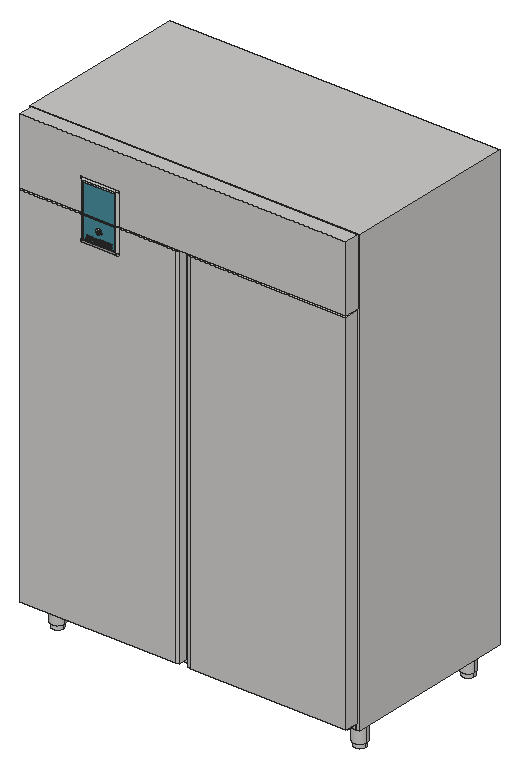
Revit family "QF_ALPENINOX_728654_CTE142FRR", category Specialty Equipment, Revit 2018
Family settings
  Round Connector Dimension = Use Diameter
  Part Type = Normal
  Work Plane-Based = No
  Always vertical = Yes
  Cut with Voids When Loaded = No
  Shared = No
  Room Calculation Point = No
Parameters
  Width [instance] = 1441 mm
  Weight = 0.00 kg
  Watts = 19.5096 W
  Volts = 220 V
  URL Manufacturer = "http://www.alpeninox.com"
  URL = "http://www.alpeninox.com"
  Steam Supply Size = 0 mm
  Steam Supply Minimum Pressure = 0.0 Pa
  Steam Supply Maximum Pressure = 0.0 Pa
  Steam Pounds per Hour = 0
  Refrigeration Suction Line Size = 0 mm
  Refrigeration Liquid Line Size = 0 mm
  Refrigerant Compressor Remote = yes
  Manufacturer = "Alpeninox"
  Phase = 1
  Model = "CTE142FRR"
  Length Actual = 1441 mm  # constant formula
  Item Number = "728654"
  Hot Water Size = 0 mm
  Height Actual = 2050 mm  # constant formula
  Height [instance] = 2050 mm
  HP = "0.3 HP"
  Gas Size = 0 mm
  Gas KW = 0
  Gas Input Pressure = 0 W
  Description = "2-DOOR REFRIG 1430L -2/+10°C, DIGIT, REM"
  Depth Actual = 835 mm  # constant formula
  Depth [instance] = 835 mm
  Cycle = 60 Hz
  Condensate Return Size = 0 mm
  Compressed Air Volume = 0.0 L/s
  Compressed Air Size = 0 mm
  Compressed Air Pressure = 0.0 Pa
  Cold Water Size = 0 mm
  Accessory = yes
Reference planes
  plane 1 "Center (Front/Back)": y = 0
  plane 2: z = 0
  plane 3 "Center (Left/Right)": x = 0
  plane 4 "BASE": z = 110
  plane 5 "TOP": z = 2050
  plane 6 "FRONT": y = -417.5
  plane 7 "BACK": y = 417.5
  plane 8 "LEFT": x = -720.5
  plane 9 "RIGHT": x = 720.5
Forms (mm)
  Extrusion 1, solid, material "QF_Finishes_Stainless Steel"
    sketch origin (0, 0, 0) x (1, 0, 0) y (0, 1, 0)
      loop
        circle (-643.5, 344.5) r 25
      loop
        circle (643.5, 344.5) r 25
      loop
        circle (-660.5, -269.5) r 25
      loop
        circle (660.5, -269.5) r 25
      loop
        circle (0, -121) r 25
    from 0 to 20
  Extrusion 2, solid, material "QF_Finishes_Stainless Steel"
    sketch origin (0, 0, 0) x (1, 0, 0) y (0, 1, 0)
      loop
        circle (-643.5, 344.5) r 30
      loop
        circle (643.5, 344.5) r 30
      loop
        circle (660.5, -269.5) r 30
      loop
        circle (-660.5, -269.5) r 30
      loop
        circle (0, -121) r 30
    from 20 to 110
  Extrusion 3, solid, material "QF_Finishes_Stainless Steel"
    sketch origin (0, 0, 110) x (-1, 0, 0) y (0, -1, 0)
      loop
        line (720.5, -417.5) -> (720.5, 345.5) -> (-720.5, 345.5) -> (-720.5, -417.5) -> (720.5, -417.5)
    from 0 to 1940
  Extrusion 4, solid
    sketch origin (0, 417.5, 1685) x (-1, 0, 0) y (0, 0, 1)
      loop
        circle (704.5, 124) r 10
    from 0 to 3.2
  Extrusion 5, solid, material "QF_Door-Drawer Clearances", detail levels coarse
    sketch origin (0, 0, 110) x (-1, 0, 0) y (0, -1, 0)
      loop
        line (-712.5, 409.5) -> (-648.5, 409.5) -> (-648.5, 1006.5) -> (-666.5, 1006.5) -> (-666.5, 1024.5) -> (-688.5, 1024.5) -> (-688.5, 1062.5) -> (-712.5, 1062.5) -> (-712.5, 409.5)
    from 1642.965 to 28
  Extrusion 6, solid, material "QF_Door-Drawer Clearances", detail levels coarse
    sketch origin (0, 0, 110) x (-1, 0, 0) y (0, -1, 0)
      loop
        line (-648.5, 409.5) -> (0, 409.5)
        arc (0, 409.5) -> (-211.9, 875.546) -> (-688.5, 1062.5) r 681.392
        line (-688.5, 1062.5) -> (-688.5, 1024.5) -> (-666.5, 1024.5) -> (-666.5, 1006.5) -> (-648.5, 1006.5) -> (-648.5, 409.5)
    from 1642.965 to 28
  Extrusion 7, solid, material "QF_Clearances", detail levels coarse
    sketch origin (0, 0, 110) x (-1, 0, 0) y (0, -1, 0)
      loop
        line (720.5, 417.5) -> (720.5, -417.5) -> (-720.5, -417.5) -> (-720.5, 417.5) -> (-740.5, 417.5) -> (-740.5, -447.5) -> (740.5, -447.5) -> (740.5, 417.5) -> (720.5, 417.5)
    from -110 to 1940
  Extrusion 8, solid, material "QF_Clearances", detail levels coarse
    sketch origin (0, 0, 2050) x (-1, 0, 0) y (0, -1, 0)
      loop
        line (740.5, -447.5) -> (740.5, 417.5) -> (-740.5, 417.5) -> (-740.5, -447.5) -> (740.5, -447.5)
    from 0 to 500
  Extrusion 9, void
    sketch origin (0, 417.5, 0) x (-1, 0, 0) y (0, 0, 1)
      loop
        line (645.5, 1724) -> (430, 1724) -> (430, 1695) -> (-430, 1695) -> (-430, 1724) -> (-645.5, 1724) -> (-645.5, 180) -> (-322.75, 170.906) -> (0, 180) -> (322.75, 170.906) -> (645.5, 180) -> (645.5, 1724)
    from -56 to -763
  Extrusion 10, solid, material "QF_Door-Drawer Clearances", detail levels coarse
    sketch origin (0, 0, 110) x (1, 0, 0) y (0, 1, 0)
      loop
        line (-712.5, -409.5) -> (-712.5, -1062.5) -> (-688.5, -1062.5) -> (-688.5, -1024.5) -> (-666.5, -1024.5) -> (-666.5, -1006.5) -> (-648.5, -1006.5) -> (-648.5, -409.5) -> (-712.5, -409.5)
    from 1642.965 to 28
  Extrusion 11, solid, material "QF_Door-Drawer Clearances", detail levels coarse
    sketch origin (0, 0, 110) x (1, 0, 0) y (0, 1, 0)
      loop
        line (-648.5, -409.5) -> (-648.5, -1006.5) -> (-666.5, -1006.5) -> (-666.5, -1024.5) -> (-688.5, -1024.5) -> (-688.5, -1062.5)
        arc (-688.5, -1062.5) -> (-211.9, -875.546) -> (0, -409.5) r 681.392
        line (0, -409.5) -> (-648.5, -409.5)
    from 1642.965 to 28
  Extrusion 12, solid, material "QF_Finishes_Stainless Steel"
    sketch origin (0, 417.5, 0) x (-1, 0, 0) y (0, 0, 1)
      loop
        line (40, 170.62) -> (40, 1695) -> (-40, 1695) -> (-40, 170.62) -> (0, 170) -> (40, 170.62)
    from -723 to -763
  Extrusion 13, solid, material "QF_Finishes_Stainless Steel"
    sketch origin (0, 0, 110) x (-1, 0, 0) y (0, -1, 0)
      loop
        circle (322.75, 254.5) r 7.938
      loop
        circle (-322.75, 254.5) r 7.938
    from 0 to -10
  Extrusion 14, solid, material "QF_Finishes_Stainless Steel"
    sketch origin (0, 0, 2050) x (-1, 0, 0) y (0, -1, 0)
      loop
        circle (255.5, 167.5) r 4.75
    from -34.697 to -139.697
  Extrusion 15, solid, material "QF_Finishes_Stainless Steel"
    sketch origin (-720.5, 0, 0) x (0, 1, 0) y (0, 0, 1)
      loop
        circle (-182.5, 1852.63) r 3
    from 500 to 620
Cuts and joins
  joined: Extrusion 7, Extrusion 8
  Extrusion 9 cuts Extrusion 3
Lines and regions (mm)
  symbolic lines, style "SpecialityEquipmentHiddenLines"
    curve 1: line (712.5, -409.5, 110) -> (712.5, -1062.5, 110)
    curve 2: line (712.5, -1062.5, 110) -> (688.5, -1062.5, 110)
    curve 3: line (648.5, -409.5, 110) -> (648.5, -1006.5, 110)
    curve 4: line (688.5, -1062.5, 110) -> (688.5, -1024.5, 110)
    curve 5: line (688.5, -1024.5, 110) -> (666.5, -1024.5, 110)
    curve 6: line (666.5, -1024.5, 110) -> (666.5, -1006.5, 110)
    curve 7: line (666.5, -1006.5, 110) -> (648.5, -1006.5, 110)
    curve 13: arc (0, -409.5, 110) -> (211.9, -875.546, 110) -> (688.5, -1062.5, 110) r 681.392
    curve 14: line (-712.5, -1062.5, 110) -> (-688.5, -1062.5, 110)
    curve 15: line (-648.5, -409.5, 110) -> (-648.5, -1006.5, 110)
    curve 16: line (-688.5, -1062.5, 110) -> (-688.5, -1024.5, 110)
    curve 17: line (-688.5, -1024.5, 110) -> (-666.5, -1024.5, 110)
    curve 18: line (-666.5, -1024.5, 110) -> (-666.5, -1006.5, 110)
    curve 19: line (-666.5, -1006.5, 110) -> (-648.5, -1006.5, 110)
    curve 20: arc (0, -409.5, 110) -> (-211.9, -875.546, 110) -> (-688.5, -1062.5, 110) r 681.392
    curve 21: line (-712.5, -409.5, 110) -> (-712.5, -1062.5, 110)
  symbolic lines, style "QF_Clearances", detail levels coarse
    curve 8: line (-220.5, -417.5, 2050) -> (-740.5, -417.5, 2050)
    curve 9: line (-740.5, -417.5, 2050) -> (-740.5, 447.5, 2050)
    curve 10: line (-740.5, 447.5, 2050) -> (740.5, 447.5, 2050)
    curve 11: line (740.5, 447.5, 2050) -> (740.5, -417.5, 2050)
    curve 12: line (740.5, -417.5, 2050) -> (720.5, -417.5, 2050)
Dimensions and locks
  equal spacing: plane 7 "BACK", plane 1 "Center (Front/Back)", plane 6 "FRONT"
  equal spacing: plane 8 "LEFT", plane 3 "Center (Left/Right)", plane 9 "RIGHT"
  "Width": plane 8 "LEFT" to plane 9 "RIGHT"
  "Depth": plane 7 "BACK" to plane 6 "FRONT"
  "Height": plane 5 "TOP" to plane 2
  aligned and locked: level to plane 2
Automatic sketch dimensions
  Extrusion 1 sketch curve to plane 3 "Center (Left/Right)" = 0 mm
  plane 8 "LEFT" to Extrusion 1 sketch curve = 77 mm
  plane 8 "LEFT" to Extrusion 1 sketch curve = 60 mm
  plane 9 "RIGHT" to Extrusion 1 sketch curve = 77 mm
  plane 9 "RIGHT" to Extrusion 1 sketch curve = 60 mm
  plane 6 "FRONT" to Extrusion 1 sketch curve = 148 mm  (x2)
  plane 1 "Center (Front/Back)" to Extrusion 1 sketch curve = 121 mm
  Extrusion 1 sketch curve to plane 7 "BACK" = 73 mm  (x2)
  Extrusion 2 sketch curve to plane 3 "Center (Left/Right)" = 0 mm
  plane 8 "LEFT" to Extrusion 2 sketch curve = 77 mm
  plane 8 "LEFT" to Extrusion 2 sketch curve = 60 mm
  plane 9 "RIGHT" to Extrusion 2 sketch curve = 77 mm
  plane 9 "RIGHT" to Extrusion 2 sketch curve = 60 mm
  plane 6 "FRONT" to Extrusion 2 sketch curve = 148 mm  (x2)
  plane 1 "Center (Front/Back)" to Extrusion 2 sketch curve = 121 mm
  Extrusion 2 sketch curve to plane 7 "BACK" = 73 mm  (x2)
  Extrusion 3 sketch curve to plane 7 "BACK" = 0 mm
  Extrusion 3 sketch curve to plane 9 "RIGHT" = 0 mm
  Extrusion 3 sketch curve to plane 8 "LEFT" = 0 mm
  plane 6 "FRONT" to Extrusion 3 sketch curve = 72 mm
  plane 8 "LEFT" to Extrusion 4 sketch curve = 16 mm
  Extrusion 4 sketch curve to plane 5 "TOP" = 241 mm
  plane 9 "RIGHT" to Extrusion 5 sketch curve = 8 mm
  plane 9 "RIGHT" to Extrusion 5 sketch curve = 32 mm
  Extrusion 5 sketch curve to Extrusion 5 sketch curve = 22 mm
  plane 6 "FRONT" to Extrusion 5 sketch curve = 8 mm
  Extrusion 5 sketch curve to Extrusion 5 sketch curve = 64 mm
  Extrusion 5 sketch curve to plane 6 "FRONT" = 589 mm
  Extrusion 5 sketch curve to Extrusion 5 sketch curve = 18 mm
  Extrusion 5 sketch curve to Extrusion 5 sketch curve = 38 mm
  Extrusion 6 sketch curve to plane 3 "Center (Left/Right)" = 0 mm
  plane 9 "RIGHT" to Extrusion 6 sketch curve = 72 mm
  Extrusion 6 sketch curve to Extrusion 6 sketch curve = 18 mm  (x2)
  plane 9 "RIGHT" to Extrusion 6 sketch curve = 39.698 mm
  Extrusion 6 sketch curve to Extrusion 6 sketch curve = 22 mm
  plane 6 "FRONT" to Extrusion 6 sketch curve = 36.349 mm
  plane 6 "FRONT" to Extrusion 6 sketch curve = 8 mm
  Extrusion 6 sketch curve to Extrusion 6 sketch curve = 56 mm
  Extrusion 7 sketch curve to plane 6 "FRONT" = 0 mm  (x2)
  Extrusion 7 sketch curve to plane 7 "BACK" = 0 mm
  Extrusion 7 sketch curve to plane 9 "RIGHT" = 0 mm
  Extrusion 7 sketch curve to plane 8 "LEFT" = 0 mm
  Extrusion 7 sketch curve to plane 9 "RIGHT" = 20 mm
  Extrusion 7 sketch curve to Extrusion 7 sketch curve = 20 mm
  plane 7 "BACK" to Extrusion 7 sketch curve = 30 mm
  Extrusion 8 sketch curve to plane 6 "FRONT" = 0 mm
  Extrusion 8 sketch curve to plane 9 "RIGHT" = 20 mm
  Extrusion 8 sketch curve to plane 8 "LEFT" = 20 mm
  plane 7 "BACK" to Extrusion 8 sketch curve = 30 mm
  Extrusion 10 sketch curve to plane 8 "LEFT" = 8 mm
  Extrusion 10 sketch curve to plane 8 "LEFT" = 32 mm
  Extrusion 10 sketch curve to Extrusion 10 sketch curve = 22 mm
  Extrusion 10 sketch curve to plane 6 "FRONT" = 8 mm
  Extrusion 10 sketch curve to Extrusion 10 sketch curve = 64 mm
  plane 6 "FRONT" to Extrusion 10 sketch curve = 589 mm
  Extrusion 10 sketch curve to Extrusion 10 sketch curve = 18 mm
  Extrusion 10 sketch curve to Extrusion 10 sketch curve = 38 mm
  Extrusion 11 sketch curve to plane 3 "Center (Left/Right)" = 0 mm
  Extrusion 11 sketch curve to plane 8 "LEFT" = 72 mm
  Extrusion 11 sketch curve to Extrusion 11 sketch curve = 18 mm  (x2)
  Extrusion 11 sketch curve to plane 8 "LEFT" = 39.698 mm
  Extrusion 11 sketch curve to Extrusion 11 sketch curve = 22 mm
  Extrusion 11 sketch curve to plane 6 "FRONT" = 36.349 mm
  Extrusion 11 sketch curve to plane 6 "FRONT" = 8 mm
  Extrusion 11 sketch curve to Extrusion 11 sketch curve = 56 mm
  Extrusion 12 sketch curve to plane 3 "Center (Left/Right)" = 0 mm
  plane 3 "Center (Left/Right)" to Extrusion 12 sketch curve = 40 mm
  Extrusion 12 sketch curve to plane 3 "Center (Left/Right)" = 40 mm
  plane 4 "BASE" to Extrusion 12 sketch curve = 60 mm
  Extrusion 12 sketch curve to Extrusion 12 sketch curve = 0.62 mm  (x2)
  Extrusion 12 sketch curve to Extrusion 12 sketch curve = 1524.38 mm
  Extrusion 9 sketch curve to plane 3 "Center (Left/Right)" = 0 mm
  plane 4 "BASE" to Extrusion 9 sketch curve = 60.906 mm  (x2)
  plane 3 "Center (Left/Right)" to Extrusion 9 sketch curve = 322.75 mm
  plane 9 "RIGHT" to Extrusion 9 sketch curve = 290.5 mm
  plane 9 "RIGHT" to Extrusion 9 sketch curve = 75 mm
  Extrusion 9 sketch curve to plane 3 "Center (Left/Right)" = 322.75 mm
  plane 8 "LEFT" to Extrusion 9 sketch curve = 290.5 mm
  plane 8 "LEFT" to Extrusion 9 sketch curve = 75 mm
  plane 4 "BASE" to Extrusion 9 sketch curve = 70 mm  (x3)
  Extrusion 9 sketch curve to plane 5 "TOP" = 355 mm
  Extrusion 9 sketch curve to Extrusion 9 sketch curve = 29 mm  (x2)
  plane 3 "Center (Left/Right)" to Extrusion 13 sketch curve = 322.75 mm
  Extrusion 13 sketch curve to plane 3 "Center (Left/Right)" = 322.75 mm
  plane 6 "FRONT" to Extrusion 13 sketch curve = 163 mm  (x2)
  curve 13 to plane 3 "Center (Left/Right)" = 0 mm
  plane 9 "RIGHT" to curve 7 = 72 mm
  curve 5 to curve 3 = 18 mm
  plane 9 "RIGHT" to curve 13 = 39.698 mm
  curve 4 to curve 5 = 22 mm
  plane 9 "RIGHT" to curve 1 = 8 mm
  plane 8 "LEFT" to curve 15 = 72 mm
  curve 15 to curve 18 = 18 mm
  plane 8 "LEFT" to curve 20 = 39.698 mm
  curve 17 to curve 17 = 22 mm
  plane 8 "LEFT" to curve 14 = 8 mm
  plane 6 "FRONT" to curve 20 = 36.349 mm
  plane 6 "FRONT" to curve 13 = 36.349 mm
  curve 6 to plane 6 "FRONT" = 589 mm
  curve 15 to plane 6 "FRONT" = 589 mm
  curve 6 to curve 6 = 18 mm
  curve 18 to curve 16 = 18 mm
  curve 4 to curve 4 = 38 mm
  plane 6 "FRONT" to curve 21 = 8 mm
  plane 6 "FRONT" to curve 15 = 8 mm
  plane 6 "FRONT" to curve 3 = 8 mm
  plane 6 "FRONT" to curve 1 = 8 mm
  plane 1 "Center (Front/Back)" to Extrusion 14 sketch curve = 167.5 mm
  Extrusion 14 sketch curve to plane 3 "Center (Left/Right)" = 255.5 mm
  curve 12 to plane 6 "FRONT" = 0 mm
  curve 12 to plane 9 "RIGHT" = 0 mm
  curve 8 to plane 6 "FRONT" = 0 mm
  curve 11 to curve 12 = 20 mm
  curve 9 to plane 8 "LEFT" = 20 mm
  plane 7 "BACK" to curve 10 = 30 mm
  curve 8 to plane 3 "Center (Left/Right)" = 220.5 mm
  Extrusion 15 sketch curve to plane 5 "TOP" = 197.37 mm
  plane 1 "Center (Front/Back)" to Extrusion 15 sketch curve = 182.5 mm
  radius of Extrusion 1 sketch curve = 25 mm  (x5)
  radius of Extrusion 2 sketch curve = 30 mm  (x5)
  radius of Extrusion 4 sketch curve = 10 mm
  radius of Extrusion 13 sketch curve = 7.938 mm  (x2)
  radius of Extrusion 14 sketch curve = 4.75 mm
  radius of Extrusion 15 sketch curve = 3 mm
Nested families
  nested 1: "QF_728654_DoorLeft" at (0, -345.5, 968.365) x (1, 0, 0) z (0, -1, 0), type "QF_728654_DoorLeft"
    with Show Clearance yes
  nested 2: "Refrigerator" at (720.5, -417.5, 2050), type "Refrigerator"
Connectors
  electrical at (-704.5, 420.7, 1809), driven by "Volts"
    settings: on Extrusion 4, index 2, voltage 220 V, apparent load 0 VA, apparent load phase1 0 VA, apparent load phase2 0 VA, apparent load phase3 0 VA, power factor 1, load classification "Other", number of poles 1, system type 30, power factor state 1, is connector primary yes, connector utility no, sub classification motor no, connector description "Electrical Connection"
  piping at (322.75, -254.5, 100), diameter 15.875
    settings: on Extrusion 13, index 3, connector inside diameter 609.6 mm, connector length 0 mm, flow factor 0, pipe flow 0.0 L/s, pressure drop 0.0 Pa, fitting loss kfactor 0, connector angle 0.00°, fixture units 0, engagement length 0 mm, angle of deflection 0.00°, flow configuration 1, flow direction 2, fitting loss method 0, system type 16, joint type 0, gender type 0, connector reference index -1, connector utility 0, adjustable connector no, is connector primary yes, connector description "Drain"
  piping at (-322.75, -254.5, 100), diameter 15.875
    settings: on Extrusion 13, index 4, connector inside diameter 609.6 mm, connector length 0 mm, flow factor 0, pipe flow 0.0 L/s, pressure drop 0.0 Pa, fitting loss kfactor 0, connector angle 0.00°, fixture units 0, engagement length 0 mm, angle of deflection 0.00°, flow configuration 1, flow direction 2, fitting loss method 0, system type 16, joint type 0, gender type 0, connector reference index -1, connector utility 0, adjustable connector no, is connector primary no, connector description "Drain"
  piping at (-220.5, -182.5, 1852.63), diameter 6
    settings: on Extrusion 15, index 5, connector inside diameter 609.6 mm, connector length 0 mm, flow factor 0, pipe flow 0.0 L/s, pressure drop 0.0 Pa, fitting loss kfactor 0, connector angle 0.00°, fixture units 0, engagement length 0 mm, angle of deflection 0.00°, flow configuration 1, flow direction 1, fitting loss method 0, system type 7, joint type 0, gender type 0, connector reference index -1, connector utility 0, adjustable connector no, is connector primary no, connector description "Refrigerant Inlet"
  piping at (-255.5, -167.5, 2015.303), diameter 9.5
    settings: on Extrusion 14, index 6, connector inside diameter 609.6 mm, connector length 0 mm, flow factor 0, pipe flow 0.0 L/s, pressure drop 0.0 Pa, fitting loss kfactor 0, connector angle 0.00°, fixture units 0, engagement length 0 mm, angle of deflection 0.00°, flow configuration 1, flow direction 2, fitting loss method 0, system type 8, joint type 0, gender type 0, connector reference index -1, connector utility 0, adjustable connector no, is connector primary no, connector description "Refrigerant Outlet"
Definition of nested family "QF_728654_DoorLeft"
  Parameters
    Show Clearance [instance] = yes
    Model = "728654"
    Default Elevation = 0 mm
  Reference planes
    plane 1 "Center (Front/Back)": y = 0
    plane 2: z = 0
    plane 3 "Center (Left/Right)": x = 0
    plane 4 "panel": z = 64
  Forms (mm)
    Extrusion 1, solid
      sketch origin (0, -919.2, 0) x (1, 0, 0) y (0, 1, 0)
        loop
          line (-980.5, 2119.2) -> (-980.5, -162.846) -> (881.94, -162.846) -> (881.94, 2119.2) -> (-980.5, 2119.2)
      from 0 to -59.546
    Extrusion 2, solid
      sketch origin (365.5, 0, 0) x (1, 0, 0) y (0, 0, 1)
        loop
          line (-347, 26) -> (-325, 26) -> (-325, 8) -> (-307, 8) -> (-307, 0) -> (339, 0) -> (339, 8) -> (347, 8) -> (347, 64) -> (-332, 64) -> (-347, 60) -> (-347, 26)
      from -784.6 to 830.4
    Extrusion 3, solid
      sketch origin (484.5, -516.365, 0) x (0, 1, 0) y (0, 0, 1)
        loop
          line (-323.003, 40.312) -> (-316.501, 40.312) -> (-316.501, 42.812) -> (-325.503, 42.812) -> (-325.503, 2.5) -> (-342, 2.5) -> (-342, 0) -> (-323.003, 0) -> (-323.003, 12.259) -> (-323.003, 40.312)
        loop
          line (-314, 38.311) -> (-316.501, 38.311) -> (-316.501, 14.304) -> (-319.752, 14.304) -> (-319.752, 11.804) -> (-314, 11.804) -> (-314, 38.311)
      from 185 to 220
    Extrusion 4, solid
      sketch origin (484.5, 469.597, 0) x (0, 1, 0) y (0, 0, 1)
        loop
          line (315.003, 27.948) -> (315.003, 2.948) -> (315.003, 0) -> (322.003, 0) -> (322.003, 2.5) -> (317.503, 2.5) -> (317.503, 27.948) -> (315.003, 27.948)
      from 185 to 220
    Extrusion 5, solid
      sketch origin (-365.5, 0, 0) x (-1, 0, 0) y (0, 0, -1)
        loop
          line (-1078, -64) -> (347, -64) -> (347, 0) -> (-1078, 0) -> (-1078, -64)
      from -1081.6 to -791.6
    Extrusion 6, solid
      sketch origin (-365.5, 0, 0) x (-1, 0, 0) y (0, 0, -1)
        loop
          line (-347, -26) -> (-347, -60) -> (-332, -64) -> (347, -64) -> (347, -8) -> (339, -8) -> (339, 0) -> (-307, 0) -> (-307, -8) -> (-325, -8) -> (-325, -26) -> (-347, -26)
      from -784.6 to 830.4
    Extrusion 7, solid
      sketch origin (-484.5, -516.365, 0) x (0, 1, 0) y (0, 0, -1)
        loop
          line (-323.003, -40.312) -> (-323.003, -12.259) -> (-323.003, 0) -> (-342, 0) -> (-342, -2.5) -> (-325.503, -2.5) -> (-325.503, -42.812) -> (-316.501, -42.812) -> (-316.501, -40.312) -> (-323.003, -40.312)
        loop
          line (-314, -38.311) -> (-314, -11.804) -> (-319.752, -11.804) -> (-319.752, -14.304) -> (-316.501, -14.304) -> (-316.501, -38.311) -> (-314, -38.311)
      from 185 to 220
    Extrusion 8, solid
      sketch origin (-484.5, 469.597, 0) x (0, 1, 0) y (0, 0, -1)
        loop
          line (315.003, -27.948) -> (317.503, -27.948) -> (317.503, -2.5) -> (322.003, -2.5) -> (322.003, 0) -> (315.003, 0) -> (315.003, -2.948) -> (315.003, -27.948)
      from 185 to 220
    Extrusion 9, solid
      sketch origin (0, 0, -27.257) x (1, 0, 0) y (0, 0, 1)
        loop
          line (-434.797, 96.257) -> (-434.797, 91.257) -> (-296.203, 91.257) -> (-296.203, 96.257) -> (-434.797, 96.257)
      from -916.6 to -791.6
    Extrusion 10, solid
      sketch origin (-365.5, 0, -1) x (1, 0, 0) y (0, 0, 1)
        loop
          line (-69.297, 69.6) -> (-69.297, 65) -> (69.297, 65) -> (69.297, 69.6) -> (-69.297, 69.6)
      from -784.6 to -690.6
    Extrusion 11, solid
      sketch origin (-365.5, 30, -3) x (1, 0, 0) y (0, 1, 0)
        loop
          circle (0.611, 714.635) r 14
      from 67 to 69
    Extrusion 12, solid
      sketch origin (0, 0, 64) x (1, 0, 0) y (0, 1, 0)
        loop
          circle (-364.889, 744.635) r 10
        loop
          circle (-364.889, 744.635) r 9
      from 5 to 8
    Extrusion 13, solid
      sketch origin (0, 0, 64) x (1, 0, 0) y (0, 1, 0)
        loop
          circle (-364.889, 744.635) r 8.7
      from 5 to 8
    Extrusion 14, void
      sketch origin (0, 0, 64) x (1, 0, 0) y (0, 1, 0)
        loop
          line (-372.339, 745.885) -> (-372.339, 743.385) -> (-362.339, 743.385) -> (-362.339, 745.885) -> (-372.339, 745.885)
      from 8.592 to 6.269
    Extrusion 15, solid
      sketch origin (0, 0, 64) x (1, 0, 0) y (0, 1, 0)
        loop
          line (-418.204, 710.82) -> (-422.5, 699.285)
          arc (-422.5, 699.285) -> (-421.595, 697.191) -> (-419.54, 698.183) r 1.58
          line (-419.54, 698.183) -> (-418.886, 700.197) -> (-412.943, 700.197) -> (-412.298, 698.204)
          arc (-412.298, 698.204) -> (-410.299, 697.242) -> (-409.434, 699.285) r 1.533
          line (-409.434, 699.285) -> (-413.626, 710.82)
          arc (-413.626, 710.82) -> (-415.915, 712.577) -> (-418.204, 710.82) r 2.37
        loop
          line (-415.911, 709.332) -> (-417.967, 703.122) -> (-413.902, 703.122) -> (-415.911, 709.332)
        loop
          arc (-407.888, 698.967) -> (-407.379, 697.738) -> (-406.15, 697.229) r 1.738
          line (-406.15, 697.229) -> (-400.877, 697.229)
          arc (-400.877, 697.229) -> (-399.415, 698.692) -> (-400.877, 700.154) r 1.462
          line (-400.877, 700.154) -> (-404.682, 700.154) -> (-404.682, 710.796)
          arc (-404.682, 710.796) -> (-406.285, 712.4) -> (-407.888, 710.796) r 1.603
          line (-407.888, 710.796) -> (-407.888, 698.967)
        loop
          line (-397.965, 710.67) -> (-397.965, 698.756)
          arc (-397.965, 698.756) -> (-396.363, 697.154) -> (-394.761, 698.756) r 1.602
          line (-394.761, 698.756) -> (-394.761, 702.233) -> (-392.386, 702.233)
          arc (-392.386, 702.233) -> (-388.677, 703.356) -> (-387.076, 706.886) r 4.694
          arc (-387.076, 706.886) -> (-388.669, 710.731) -> (-392.514, 712.324) r 5.438
          line (-392.514, 712.324) -> (-396.311, 712.324)
          arc (-396.311, 712.324) -> (-397.48, 711.84) -> (-397.965, 710.67) r 1.654
        loop
          line (-394.761, 705.029) -> (-392.573, 705.029)
          arc (-392.573, 705.029) -> (-390.326, 707.277) -> (-392.573, 709.525) r 2.248
          line (-392.573, 709.525) -> (-394.761, 709.525) -> (-394.761, 705.029)
        loop
          arc (-375.089, 706.2) -> (-376.032, 708.349) -> (-378.059, 709.531) r 3.795
          arc (-378.059, 709.531) -> (-381.033, 708.879) -> (-382.48, 706.2) r 3.653
          line (-382.48, 706.2) -> (-375.089, 706.2)
        loop
          line (-382.396, 703.223) -> (-374.353, 703.223)
          arc (-374.353, 703.223) -> (-372.913, 703.422) -> (-371.773, 704.325) r 2.761
          arc (-371.773, 704.325) -> (-371.606, 705.295) -> (-371.671, 706.278) r 4.18
          arc (-371.671, 706.278) -> (-374.146, 710.605) -> (-378.775, 712.454) r 7.566
          arc (-378.775, 712.454) -> (-383.983, 710.081) -> (-385.987, 704.72) r 7.477
          arc (-385.987, 704.72) -> (-384.394, 699.826) -> (-379.939, 697.251) r 7.19
          arc (-379.939, 697.251) -> (-377.087, 697.224) -> (-374.353, 698.036) r 9.615
          arc (-374.353, 698.036) -> (-373.113, 698.668) -> (-372.164, 699.685) r 4.009
          arc (-372.164, 699.685) -> (-371.909, 700.749) -> (-372.38, 701.737) r 1.639
          arc (-372.38, 701.737) -> (-373, 702.095) -> (-373.716, 702.095) r 1.384
          arc (-373.716, 702.095) -> (-374.195, 701.897) -> (-374.605, 701.582) r 1.982
          arc (-374.605, 701.582) -> (-375.643, 700.879) -> (-376.77, 700.332) r 8.74
          arc (-376.77, 700.332) -> (-380.254, 700.472) -> (-382.396, 703.223) r 4.14
        loop
          line (-369.897, 710.796) -> (-369.897, 698.757)
          arc (-369.897, 698.757) -> (-368.292, 697.152) -> (-366.687, 698.757) r 1.605
          line (-366.687, 698.757) -> (-366.687, 706.721) -> (-359.865, 697.802)
          arc (-359.865, 697.802) -> (-358.042, 697.206) -> (-356.913, 698.757) r 1.63
          line (-356.913, 698.757) -> (-356.913, 710.796)
          arc (-356.913, 710.796) -> (-358.518, 712.401) -> (-360.122, 710.796) r 1.604
          line (-360.122, 710.796) -> (-360.122, 702.727) -> (-366.943, 711.749)
          arc (-366.943, 711.749) -> (-368.767, 712.348) -> (-369.897, 710.796) r 1.63
        loop
          arc (-354.908, 698.757) -> (-353.305, 697.153) -> (-351.701, 698.757) r 1.604
          line (-351.701, 698.757) -> (-351.701, 710.796)
          arc (-351.701, 710.796) -> (-353.305, 712.4) -> (-354.908, 710.796) r 1.604
          line (-354.908, 710.796) -> (-354.908, 698.757)
        loop
          line (-349.694, 710.796) -> (-349.694, 698.757)
          arc (-349.694, 698.757) -> (-348.089, 697.152) -> (-346.484, 698.757) r 1.605
          line (-346.484, 698.757) -> (-346.484, 706.721) -> (-339.663, 697.802)
          arc (-339.663, 697.802) -> (-337.84, 697.206) -> (-336.711, 698.757) r 1.63
          line (-336.711, 698.757) -> (-336.711, 710.796)
          arc (-336.711, 710.796) -> (-338.315, 712.401) -> (-339.92, 710.796) r 1.604
          line (-339.92, 710.796) -> (-339.92, 702.727) -> (-346.741, 711.749)
          arc (-346.741, 711.749) -> (-348.564, 712.348) -> (-349.694, 710.796) r 1.63
        loop
          arc (-335.024, 704.776) -> (-334.19, 701.077) -> (-331.714, 698.205) r 7.827
          arc (-331.714, 698.205) -> (-329.788, 697.27) -> (-327.668, 696.976) r 6.849
          arc (-327.668, 696.976) -> (-325.547, 697.27) -> (-323.622, 698.205) r 6.849
          arc (-323.622, 698.205) -> (-321.146, 701.077) -> (-320.311, 704.776) r 7.827
          arc (-320.311, 704.776) -> (-321.146, 708.475) -> (-323.622, 711.348) r 7.827
          arc (-323.622, 711.348) -> (-325.547, 712.283) -> (-327.668, 712.577) r 6.849
          arc (-327.668, 712.577) -> (-329.788, 712.283) -> (-331.714, 711.348) r 6.849
          arc (-331.714, 711.348) -> (-334.19, 708.475) -> (-335.024, 704.776) r 7.827
        loop
          arc (-331.666, 704.776) -> (-331.336, 702.613) -> (-330.121, 700.793) r 5.045
          arc (-330.121, 700.793) -> (-328.977, 700.125) -> (-327.668, 699.932) r 3.49
          arc (-327.668, 699.932) -> (-326.358, 700.125) -> (-325.215, 700.793) r 3.49
          arc (-325.215, 700.793) -> (-324, 702.613) -> (-323.67, 704.776) r 5.045
          arc (-323.67, 704.776) -> (-324, 706.94) -> (-325.215, 708.76) r 5.045
          arc (-325.215, 708.76) -> (-326.358, 709.427) -> (-327.668, 709.621) r 3.49
          arc (-327.668, 709.621) -> (-328.977, 709.427) -> (-330.121, 708.76) r 3.49
          arc (-330.121, 708.76) -> (-331.336, 706.94) -> (-331.666, 704.776) r 5.045
        loop
          line (-319.496, 709.97) -> (-316.031, 705.304) -> (-320.268, 699.668)
          arc (-320.268, 699.668) -> (-319.925, 697.415) -> (-317.679, 697.802) r 1.596
          line (-317.679, 697.802) -> (-314.173, 702.636) -> (-310.666, 697.802)
          arc (-310.666, 697.802) -> (-308.42, 697.415) -> (-308.077, 699.668) r 1.596
          line (-308.077, 699.668) -> (-312.314, 705.304) -> (-308.849, 709.97)
          arc (-308.849, 709.97) -> (-309.272, 712.256) -> (-311.521, 711.666) r 1.587
          line (-311.521, 711.666) -> (-314.173, 707.936) -> (-316.824, 711.666)
          arc (-316.824, 711.666) -> (-319.073, 712.256) -> (-319.496, 709.97) r 1.587
      from 3 to 5
    Extrusion 16, void
      sketch origin (0, 0, 64) x (1, 0, 0) y (0, 1, 0)
        loop
          line (-418.204, 710.82) -> (-422.5, 699.285)
          arc (-422.5, 699.285) -> (-421.595, 697.191) -> (-419.54, 698.183) r 1.58
          line (-419.54, 698.183) -> (-418.886, 700.197) -> (-412.943, 700.197) -> (-412.298, 698.204)
          arc (-412.298, 698.204) -> (-410.299, 697.242) -> (-409.434, 699.285) r 1.533
          line (-409.434, 699.285) -> (-413.626, 710.82)
          arc (-413.626, 710.82) -> (-415.915, 712.577) -> (-418.204, 710.82) r 2.37
        loop
          line (-415.911, 709.332) -> (-417.967, 703.122) -> (-413.902, 703.122) -> (-415.911, 709.332)
        loop
          arc (-407.888, 698.967) -> (-407.379, 697.738) -> (-406.15, 697.229) r 1.738
          line (-406.15, 697.229) -> (-400.877, 697.229)
          arc (-400.877, 697.229) -> (-399.415, 698.692) -> (-400.877, 700.154) r 1.462
          line (-400.877, 700.154) -> (-404.682, 700.154) -> (-404.682, 710.796)
          arc (-404.682, 710.796) -> (-406.285, 712.4) -> (-407.888, 710.796) r 1.603
          line (-407.888, 710.796) -> (-407.888, 698.967)
        loop
          line (-397.965, 710.67) -> (-397.965, 698.756)
          arc (-397.965, 698.756) -> (-396.363, 697.154) -> (-394.761, 698.756) r 1.602
          line (-394.761, 698.756) -> (-394.761, 702.233) -> (-392.386, 702.233)
          arc (-392.386, 702.233) -> (-388.677, 703.356) -> (-387.076, 706.886) r 4.694
          arc (-387.076, 706.886) -> (-388.669, 710.731) -> (-392.514, 712.324) r 5.438
          line (-392.514, 712.324) -> (-396.311, 712.324)
          arc (-396.311, 712.324) -> (-397.48, 711.84) -> (-397.965, 710.67) r 1.654
        loop
          line (-394.761, 705.029) -> (-392.573, 705.029)
          arc (-392.573, 705.029) -> (-390.326, 707.277) -> (-392.573, 709.525) r 2.248
          line (-392.573, 709.525) -> (-394.761, 709.525) -> (-394.761, 705.029)
        loop
          arc (-375.089, 706.2) -> (-376.032, 708.349) -> (-378.059, 709.531) r 3.795
          arc (-378.059, 709.531) -> (-381.033, 708.879) -> (-382.48, 706.2) r 3.653
          line (-382.48, 706.2) -> (-375.089, 706.2)
        loop
          line (-382.396, 703.223) -> (-374.353, 703.223)
          arc (-374.353, 703.223) -> (-372.913, 703.422) -> (-371.773, 704.325) r 2.761
          arc (-371.773, 704.325) -> (-371.606, 705.295) -> (-371.671, 706.278) r 4.18
          arc (-371.671, 706.278) -> (-374.146, 710.605) -> (-378.775, 712.454) r 7.566
          arc (-378.775, 712.454) -> (-383.983, 710.081) -> (-385.987, 704.72) r 7.477
          arc (-385.987, 704.72) -> (-384.394, 699.826) -> (-379.939, 697.251) r 7.19
          arc (-379.939, 697.251) -> (-377.087, 697.224) -> (-374.353, 698.036) r 9.615
          arc (-374.353, 698.036) -> (-373.113, 698.668) -> (-372.164, 699.685) r 4.009
          arc (-372.164, 699.685) -> (-371.909, 700.749) -> (-372.38, 701.737) r 1.639
          arc (-372.38, 701.737) -> (-373, 702.095) -> (-373.716, 702.095) r 1.384
          arc (-373.716, 702.095) -> (-374.195, 701.897) -> (-374.605, 701.582) r 1.982
          arc (-374.605, 701.582) -> (-375.643, 700.879) -> (-376.77, 700.332) r 8.74
          arc (-376.77, 700.332) -> (-380.254, 700.472) -> (-382.396, 703.223) r 4.14
        loop
          line (-369.897, 710.796) -> (-369.897, 698.757)
          arc (-369.897, 698.757) -> (-367.553, 696.412) -> (-365.208, 698.757) r 2.344
          line (-365.208, 698.757) -> (-365.208, 704.788) -> (-359.865, 697.802)
          arc (-359.865, 697.802) -> (-358.042, 697.206) -> (-356.913, 698.757) r 1.63
          line (-356.913, 698.757) -> (-356.913, 710.796)
          arc (-356.913, 710.796) -> (-358.518, 712.401) -> (-360.122, 710.796) r 1.604
          line (-360.122, 710.796) -> (-360.122, 702.727) -> (-366.943, 711.749)
          arc (-366.943, 711.749) -> (-368.767, 712.348) -> (-369.897, 710.796) r 1.63
        loop
          arc (-354.908, 698.757) -> (-353.305, 697.153) -> (-351.701, 698.757) r 1.604
          line (-351.701, 698.757) -> (-351.701, 710.796)
          arc (-351.701, 710.796) -> (-353.305, 712.4) -> (-354.908, 710.796) r 1.604
          line (-354.908, 710.796) -> (-354.908, 698.757)
        loop
          line (-349.694, 710.796) -> (-349.694, 698.757)
          arc (-349.694, 698.757) -> (-348.089, 697.152) -> (-346.484, 698.757) r 1.605
          line (-346.484, 698.757) -> (-346.484, 706.721) -> (-339.663, 697.802)
          arc (-339.663, 697.802) -> (-337.84, 697.206) -> (-336.711, 698.757) r 1.63
          line (-336.711, 698.757) -> (-336.711, 710.796)
          arc (-336.711, 710.796) -> (-338.315, 712.401) -> (-339.92, 710.796) r 1.604
          line (-339.92, 710.796) -> (-339.92, 702.727) -> (-346.741, 711.749)
          arc (-346.741, 711.749) -> (-348.564, 712.348) -> (-349.694, 710.796) r 1.63
        loop
          arc (-335.024, 704.776) -> (-334.19, 701.077) -> (-331.714, 698.205) r 7.827
          arc (-331.714, 698.205) -> (-329.788, 697.27) -> (-327.668, 696.976) r 6.849
          arc (-327.668, 696.976) -> (-325.547, 697.27) -> (-323.622, 698.205) r 6.849
          arc (-323.622, 698.205) -> (-321.146, 701.077) -> (-320.311, 704.776) r 7.827
          arc (-320.311, 704.776) -> (-321.146, 708.475) -> (-323.622, 711.348) r 7.827
          arc (-323.622, 711.348) -> (-325.547, 712.283) -> (-327.668, 712.577) r 6.849
          arc (-327.668, 712.577) -> (-329.788, 712.283) -> (-331.714, 711.348) r 6.849
          arc (-331.714, 711.348) -> (-334.19, 708.475) -> (-335.024, 704.776) r 7.827
        loop
          arc (-331.666, 704.776) -> (-331.336, 702.613) -> (-330.121, 700.793) r 5.045
          arc (-330.121, 700.793) -> (-328.977, 700.125) -> (-327.668, 699.932) r 3.49
          arc (-327.668, 699.932) -> (-326.358, 700.125) -> (-325.215, 700.793) r 3.49
          arc (-325.215, 700.793) -> (-324, 702.613) -> (-323.67, 704.776) r 5.045
          arc (-323.67, 704.776) -> (-324, 706.94) -> (-325.215, 708.76) r 5.045
          arc (-325.215, 708.76) -> (-326.358, 709.427) -> (-327.668, 709.621) r 3.49
          arc (-327.668, 709.621) -> (-328.977, 709.427) -> (-330.121, 708.76) r 3.49
          arc (-330.121, 708.76) -> (-331.336, 706.94) -> (-331.666, 704.776) r 5.045
        loop
          line (-319.496, 709.97) -> (-316.031, 705.304) -> (-320.268, 699.668)
          arc (-320.268, 699.668) -> (-319.925, 697.415) -> (-317.679, 697.802) r 1.596
          line (-317.679, 697.802) -> (-314.173, 702.636) -> (-310.666, 697.802)
          arc (-310.666, 697.802) -> (-308.42, 697.415) -> (-308.077, 699.668) r 1.596
          line (-308.077, 699.668) -> (-312.314, 705.304) -> (-308.849, 709.97)
          arc (-308.849, 709.97) -> (-309.272, 712.256) -> (-311.521, 711.666) r 1.587
          line (-311.521, 711.666) -> (-314.173, 707.936) -> (-316.824, 711.666)
          arc (-316.824, 711.666) -> (-319.073, 712.256) -> (-319.496, 709.97) r 1.587
      from 4.6 to 2.987
    Blend 17, solid
      base sketch origin (-182.204, 0, 64) x (1, 0, 0) y (0, 1, 0)
        loop
          line (-257.593, 784.635) -> (-257.593, 685.635) -> (-109, 685.635) -> (-109, 784.635) -> (-114, 784.635) -> (-114, 690.635) -> (-252.593, 690.635) -> (-252.593, 784.635) -> (-257.593, 784.635)
      top sketch origin (-182.204, 0, 64) x (1, 0, 0) y (0, 1, 0)
        loop
          line (-267.593, 784.635) -> (-267.593, 683.635)
          arc (-267.593, 683.635) -> (-265.25, 677.978) -> (-259.593, 675.635) r 8
          line (-259.593, 675.635) -> (-107, 675.635)
          arc (-107, 675.635) -> (-101.343, 677.978) -> (-99, 683.635) r 8
          line (-99, 683.635) -> (-99, 784.635) -> (-114, 784.635) -> (-114, 690.635) -> (-252.593, 690.635) -> (-252.593, 784.635) -> (-267.593, 784.635)
      from 5 to 0
    Blend 18, solid
      base sketch origin (-182.204, 0, 64) x (1, 0, 0) y (0, 1, 0)
        loop
          line (-252.593, 791.635) -> (-252.593, 916.635) -> (-114, 916.635) -> (-114, 791.635) -> (-109, 791.635) -> (-109, 921.635) -> (-257.593, 921.635) -> (-257.593, 791.635) -> (-252.593, 791.635)
      top sketch origin (-182.204, 0, 64) x (1, 0, 0) y (0, 1, 0)
        loop
          line (-99, 791.635) -> (-99, 923.635)
          arc (-99, 923.635) -> (-101.343, 929.291) -> (-107, 931.635) r 8
          line (-107, 931.635) -> (-259.593, 931.635)
          arc (-259.593, 931.635) -> (-265.25, 929.291) -> (-267.593, 923.635) r 8
          line (-267.593, 923.635) -> (-267.593, 791.635) -> (-252.593, 791.635) -> (-252.593, 916.635) -> (-114, 916.635) -> (-114, 791.635) -> (-99, 791.635)
      from 5 to 0
    Extrusion 19, solid
      sketch origin (0, 0, 64) x (1, 0, 0) y (0, 1, 0)
        loop
          line (-372.339, 745.885) -> (-372.339, 743.385) -> (-362.339, 743.385) -> (-362.339, 745.885) -> (-372.339, 745.885)
      from 6 to 8
  Cuts and joins
    Extrusion 14 cuts Extrusion 13
    Extrusion 16 cuts Extrusion 15
  Lines and regions (mm)
    Split face 1
      outline origin (-439.797, 0, 69) x (1, 0, 0) y (0, 1, 0)
        loop
          line (132.797, 791.6) -> (132.797, 886.635)
          arc (132.797, 886.635) -> (131.332, 890.17) -> (127.797, 891.635) r 5
          line (127.797, 891.635) -> (20.797, 891.635)
          arc (20.797, 891.635) -> (17.261, 890.17) -> (15.797, 886.635) r 5
          line (15.797, 886.635) -> (15.797, 791.6)
    Split face 2
      outline origin (-296.203, 690.6, 68.6) x (0, 1, 0) y (-1, 0, 0)
        loop
          line (94, 127.797) -> (81, 127.797)
          arc (81, 127.797) -> (77.464, 126.332) -> (76, 122.797) r 5
          line (76, 122.797) -> (76, 15.797)
          arc (76, 15.797) -> (77.464, 12.261) -> (81, 10.797) r 5
          line (81, 10.797) -> (94, 10.797)
    symbolic lines
      curve 1: line (-712.5, 0, 64) -> (712.5, 0, 64)
      curve 2: line (712.5, 0, 0) -> (-712.5, 0, 0)
      curve 3: line (712.5, 0, 64) -> (712.5, 0, 0)
      curve 4: line (704.5, 0, 8) -> (712.5, 0, 8)
      curve 5: line (704.5, 0, 8) -> (704.5, 0, 0)
      curve 6: line (-376.111, 0, 72) -> (-356.111, 0, 72)
      curve 7: line (-376.111, 0, 66) -> (-376.111, 0, 72)
      curve 8: line (-356.111, 0, 72) -> (-356.111, 0, 66)
      curve 9: line (-380.111, 0, 66) -> (-352.111, 0, 66)
      curve 10: line (-380.111, 0, 64) -> (-380.111, 0, 66)
      curve 11: line (-352.111, 0, 66) -> (-352.111, 0, 64)
      curve 12: line (-712.5, 0, 64) -> (-712.5, 0, 0)
      curve 13: line (-704.5, 0, 8) -> (-712.5, 0, 8)
      curve 14: line (-704.5, 0, 8) -> (-704.5, 0, 0)
  Dimensions and locks
    aligned and locked: plane 2 to Extrusion 1
    aligned and locked: level to Extrusion 1
Definition of nested family "Refrigerator"
  Reference planes
    plane 1 "Center (Front/Back)": y = 0
    plane 2: z = 0
    plane 3 "Center (Left/Right)": x = 0
  Lines and regions (mm)
    detail lines, in view "Ref. Level"
      curve 1: spline (-500, 190, 0) -> (-493.185, 166.706, 0) -> (-473.205, 145, 0) -> (-441.421, 126.36, 0) -> (-400, 112.058, 0) -> (-351.764, 103.067, 0) -> (-300, 100, 0) -> (-248.236, 103.067, 0) -> (-200, 112.058, 0) -> (-158.579, 126.36, 0) -> (-126.795, 145, 0) -> (-106.815, 166.706, 0) -> (-100, 190, 0) -> (-106.815, 213.294, 0) -> (-126.795, 235, 0) -> (-158.579, 253.64, 0) -> (-200, 267.942, 0) -> (-248.236, 276.933, 0) -> (-300, 280, 0) -> (-351.764, 276.933, 0) -> (-400, 267.942, 0) -> (-441.421, 253.64, 0) -> (-473.205, 235, 0) -> (-493.185, 213.294, 0) -> (-500, 190, 0)
      curve 2: line (-300, 130, 0) -> (-300, 250, 0)
      curve 3: line (-351.962, 220, 0) -> (-248.038, 160, 0)
      curve 4: line (-351.962, 160, 0) -> (-248.038, 220, 0)
      curve 5: line (-280.884, 246.873, 0) -> (-300, 225, 0)
      curve 6: line (-300, 225, 0) -> (-319.116, 246.873, 0)
      curve 7: line (-330.311, 207.5, 0) -> (-339.696, 234.992, 0)
      curve 8: line (-358.812, 201.882, 0) -> (-330.311, 207.5, 0)
      curve 9: line (-330.311, 172.5, 0) -> (-358.812, 178.118, 0)
      curve 10: line (-339.696, 145.008, 0) -> (-330.311, 172.5, 0)
      curve 11: line (-300, 155, 0) -> (-319.116, 133.127, 0)
      curve 12: line (-280.884, 133.127, 0) -> (-300, 155, 0)
      curve 13: line (-269.689, 172.5, 0) -> (-260.304, 145.008, 0)
      curve 14: line (-241.188, 178.118, 0) -> (-269.689, 172.5, 0)
      curve 15: line (-269.689, 207.5, 0) -> (-241.188, 201.882, 0)
      curve 16: line (-260.304, 234.992, 0) -> (-269.689, 207.5, 0)
